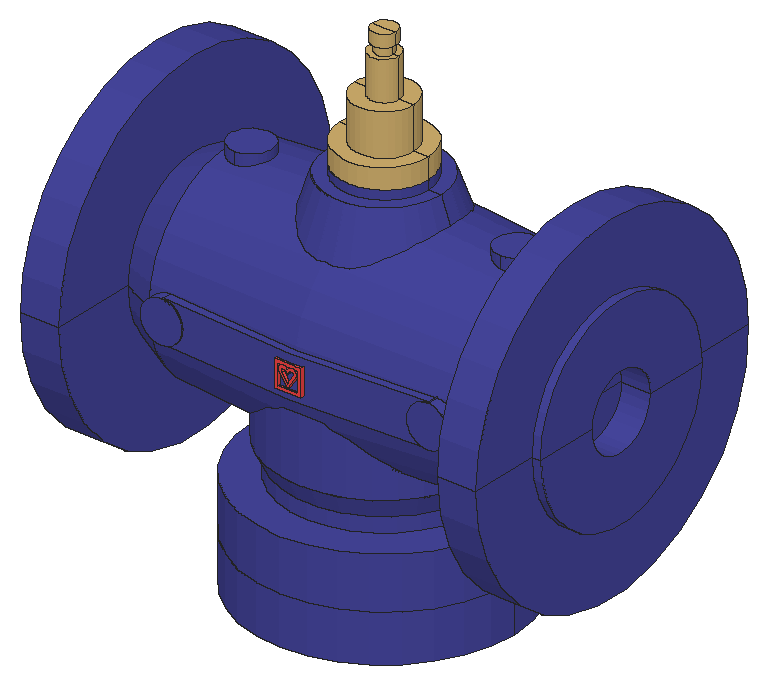
Revit family "Клапан проходной регулирующий, фланцевый F 4035_PN25", category Rohrzubehör, Revit 2021
Family settings
  Bemaßung runder Anschluss = Durchmesser verwenden
  Teiletyp = Unterbricht
  OmniClass-Nummer = 23.65.55.14
  OmniClass-Titel = Valves for Liquid Services
  Arbeitsebenenbasiert = Nein
  Immer vertikal = Ja
  Beim Laden mit Abzugskörper schneiden = Nein
  Gemeinsam genutzt = Nein
Parameters (values of type "kvs6.3")
  Среда = "Качество очистки воды должно соответствовать нормам ÖNORM H 5195 и VDI 2035 стандартам."
  Номер заказа [instance] = if(and(kvs1, Nennweite = 15 mm), 403540, if(and(kvs1.6, Nennweite = 15 mm), 403551, if(and(kvs2.5, Nennweite = 15 mm), 403561, if(and(kvs4, Nennweite = 15 mm), 403571, if(and(kvs6.3, Nennweite = 25 mm), 403543, if(and(kvs10, Nennweite = 25 mm), 403553, if(and(kvs16, Nennweite = 32 mm), 403544, if(and(kvs25, Nennweite = 40 mm), 403545, if(and(kvs40, Nennweite = 50 mm), 403556, if(and(kvs63, Nennweite = 65 mm), 403547, if(and(kvs100, Nennweite = 80 mm), 403548, if(and(kvs160, Nennweite = 100 mm), 403549, if(and(kvs250, Nennweite = 125 mm), 403550, if(and(kvs330, Nennweite = 150 mm), 403542, 0))))))))))))))  # 403543
  Вес [instance] = size_lookup("4035_PN25", "Gewicht", 25, Nennweite)  # 8
  kvs63 = no
  kvs6.3 = yes
  kvs40 = no
  kvs4 = no
  kvs330 = no
  kvs250 = no
  kvs25 = no
  kvs2.5 = no
  kvs160 = no
  kvs16 = no
  kvs100 = no
  kvs10 = no
  kvs1.6 = no
  kvs1 = no
  Седло клапана = "WN1.4021"  # constant formula
  Конус клапана (до DN50) = "WN1.4021"  # constant formula
  Конус клапана (от DN65) = "EN-GJL-250/WN1.4021"  # constant formula
  Пропускная характеристика клапана = "равнопроцентная"  # constant formula
  Vorgabe-Ansicht = 0 mm
  URL = "www.herz-armaturen.ru"
  Шток = "WN1.4404"  # constant formula
  SCTWSEQ = "FW;SBT_TYP_FW=\"101\";2"
  SCTWCODE = "04;05;02"  # constant formula
  SCRNSEQ = "ARM;ARM_TYP=\"DURR\";2"
  SCRNCODE = "05;06;02"  # constant formula
  R14 = 4 mm  # constant formula
  R13 = 3 mm  # constant formula
  R12 = 5 mm  # constant formula
  R11 [instance] = size_lookup("4035_PN25", "R11", 18 mm, Nennweite)  # 10 mm
  R10 [instance] = size_lookup("4035_PN25", "R10", 23 mm, Nennweite)  # 15 mm
  R09 [instance] = size_lookup("4035_PN25", "R9", 49 mm, Nennweite)  # 19.5 mm
  R08 [instance] = R00 + 3 mm  # 41 mm
  R07 [instance] = size_lookup("4035_PN25", "R7", 15.5 mm, Nennweite)  # 7 mm
  R06 [instance] = size_lookup("4035_PN25", "R6", 15.5 mm, Nennweite)  # 7 mm
  R05 [instance] = size_lookup("4035_PN25", "R5", 62.5 mm, Nennweite)  # 35.5 mm
  R04 [instance] = size_lookup("4035_PN25", "R4", 59.5 mm, Nennweite)  # 32.5 mm
  R03 [instance] = size_lookup("4035_PN25", "R3", 43 mm, Nennweite)  # 44 mm
  R02 [instance] = size_lookup("4035_PN25", "R2", 43 mm, Nennweite)  # 19.5 mm
  R01 [instance] = size_lookup("4035_PN25", "R1", 55.5 mm, Nennweite)  # 28.5 mm
  R00 [instance] = size_lookup("4035_PN25", "R", 65 mm, Nennweite)  # 38 mm
  PN = 25  # constant formula
  Nennweite [instance] = 25 mm
  Мин. рабочая температура = 5 °C  # constant formula
  Макс. рабочая температура = 150 °C  # constant formula
  Макс. рабочее давление = 2500000.0 Pa  # constant formula
  LO1 [instance] = size_lookup("4035_PN25", "LO1", 28.5 mm, Nennweite)  # 40 mm
  L07 [instance] = L06 - R06  # 45 mm
  L06 [instance] = size_lookup("4035_PN25", "L6", 110 mm, Nennweite)  # 52 mm
  L05 [instance] = D00  # 57.5 mm
  L03 = 10 mm  # constant formula
  L02 [instance] = size_lookup("4035_PN25", "L2", 15 mm, Nennweite)  # 13 mm
  L01 = 3 mm  # constant formula
  L00 [instance] = size_lookup("4035_PN25", "L", 145 mm, Nennweite)  # 80 mm
  Hersteller = "Herz-Armaturen GmbH"  # constant formula
  H18 [instance] = 17.5 mm  # constant formula
  H15 = 4 mm  # constant formula
  H14 [instance] = size_lookup("4035_PN25", "H14", 17 mm, Nennweite)  # 13 mm
  H13 [instance] = size_lookup("4035_PN25", "H13", 18 mm, Nennweite)  # 14 mm
  H12 [instance] = size_lookup("4035_PN25", "H12", 10.5 mm, Nennweite)  # 6.8 mm
  H11 [instance] = size_lookup("4035_PN25", "H11", 52.5 mm, Nennweite)  # 40.8 mm
  H10 [instance] = size_lookup("4035_PN25", "H10", 135.4 mm, Nennweite)  # 88.3 mm
  H09 = 3 mm  # constant formula
  H08 [instance] = size_lookup("4035_PN25", "H8", 79 mm, Nennweite)  # 44.5 mm
  H07 [instance] = R00  # 38 mm
  H06 [instance] = size_lookup("4035_PN25", "H6", 59 mm, Nennweite)  # 35 mm
  H05 [instance] = size_lookup("4035_PN25", "H5", 20 mm, Nennweite)  # 5 mm
  H04 [instance] = size_lookup("4035_PN25", "H4", 17 mm, Nennweite)  # 15 mm
  H02 [instance] = size_lookup("4035_PN25", "H2", 38 mm, Nennweite)  # 3 mm
  H03 [instance] = size_lookup("4035_PN25", "H3", 112 mm, Nennweite)  # 64 mm
  H01 [instance] = size_lookup("4035_PN25", "H1", 14 mm, Nennweite)  # 16 mm
  Корпус = "EN-GJS-400-18-LT (EN 1563)"  # constant formula
  Материал уплотнения = "70EPDM"  # constant formula
  DN80 [instance] = Nennweite = 80 mm  # no
  DN65 [instance] = Nennweite = 65 mm  # no
  DN50 [instance] = Nennweite = 50 mm  # no
  DN40 [instance] = Nennweite = 40 mm  # no
  DN32 [instance] = Nennweite = 32 mm  # no
  DN25 [instance] = Nennweite = 25 mm  # yes
  DN150 [instance] = Nennweite = 150 mm  # no
  DN15 [instance] = Nennweite = 15 mm  # no
  DN125 [instance] = Nennweite = 125 mm  # no
  DN100 [instance] = Nennweite = 100 mm  # no
  D02 [instance] = Nennweite / 2  # 12.5 mm
  D01 [instance] = size_lookup("4035_PN25", "D1", 61 mm, Nennweite)  # 34 mm
  D00 [instance] = size_lookup("4035_PN25", "D", 92.5 mm, Nennweite)  # 57.5 mm
  Область применения = "Клапан может использоваться в системах отопления, вентиляции и кондиционирования воздуха, в производственных и технологических процессах. Пропускная характеристика клапана - равнопроцентная. Соотношение регулирования (соотношение между пропускной способностью при номинальной высоте хода Kvs и минимальным значением пропускной способности, при которой погрешность регулирования находится в пределах номинального допуска Kvmin) - 30. Выбор проходного фланцевого клапана осущетвляется в соответствии с диаграммой значений kvs."
  Фланцевое соединение = "EN 1092-2"  # constant formula
Types (15, lengths in mm): name | Номер заказа | Вес | kvs63 | kvs6.3 | kvs40 | kvs4 | kvs330 | kvs250 | kvs25 | kvs2.5 | kvs160 | kvs16 | kvs100 | kvs10 | kvs1.6 | kvs1 | R11 | R10 | R09 | R08 | R07 | R06 | R05 | R04 | R03 | R02 | R01 | R00 | Nennweite | LO1 | L07 | L06 | L05 | L02 | L00 | H14 | H13 | H12 | H11 | H10 | H08 | H07 | H06 | H05 | H04 | H02 | H03 | H01 | DN80 | DN65 | DN50 | DN40 | DN32 | DN25 | DN150 | DN15 | DN125 | DN100 | D02 | D01 | D00
  (no name) | 403543 | 8 | no | yes | no | no | no | no | no | no | no | no | no | no | no | no | 10 | 15 | 19.5 | 41 | 7 | 7 | 35.5 | 32.5 | 44 | 19.5 | 28.5 | 38 | 25 | 40 | 45 | 52 | 57.5 | 13 | 80 | 13 | 14 | 6.8 | 40.8 | 88.3 | 44.5 | 38 | 35 | 5 | 15 | 3 | 64 | 16 | no | no | no | no | no | yes | no | no | no | no | 12.5 | 34 | 57.5
  kvs1 | 403540 | 5 | no | no | no | no | no | no | no | no | no | no | no | no | no | yes | 10 | 15 | 19.5 | 29.5 | 6 | 6 | 24 | 21 | 32.5 | 14 | 17 | 26.5 | 15 | 27.5 | 34 | 40 | 47.5 | 11 | 65 | 13 | 14 | 6.8 | 40.8 | 80.3 | 36.5 | 26.5 | 24.5 | 5 | 13 | 11 | 49 | 14 | no | no | no | no | no | no | no | yes | no | no | 7.5 | 22.5 | 47.5
  kvs1.6 | 403551 | 5 | no | no | no | no | no | no | no | no | no | no | no | no | yes | no | 10 | 15 | 19.5 | 29.5 | 6 | 6 | 24 | 21 | 32.5 | 14 | 17 | 26.5 | 15 | 27.5 | 34 | 40 | 47.5 | 11 | 65 | 13 | 14 | 6.8 | 40.8 | 80.3 | 36.5 | 26.5 | 24.5 | 5 | 13 | 11 | 49 | 14 | no | no | no | no | no | no | no | yes | no | no | 7.5 | 22.5 | 47.5
  kvs2.5 | 403561 | 5 | no | no | no | no | no | no | no | yes | no | no | no | no | no | no | 10 | 15 | 19.5 | 29.5 | 6 | 6 | 24 | 21 | 32.5 | 14 | 17 | 26.5 | 15 | 27.5 | 34 | 40 | 47.5 | 11 | 65 | 13 | 14 | 6.8 | 40.8 | 80.3 | 36.5 | 26.5 | 24.5 | 5 | 13 | 11 | 49 | 14 | no | no | no | no | no | no | no | yes | no | no | 7.5 | 22.5 | 47.5
  kvs4 | 403571 | 5 | no | no | no | yes | no | no | no | no | no | no | no | no | no | no | 10 | 15 | 19.5 | 29.5 | 6 | 6 | 24 | 21 | 32.5 | 14 | 17 | 26.5 | 15 | 27.5 | 34 | 40 | 47.5 | 11 | 65 | 13 | 14 | 6.8 | 40.8 | 80.3 | 36.5 | 26.5 | 24.5 | 5 | 13 | 11 | 49 | 14 | no | no | no | no | no | no | no | yes | no | no | 7.5 | 22.5 | 47.5
  kvs6.3 | 403543 | 8 | no | yes | no | no | no | no | no | no | no | no | no | no | no | no | 10 | 15 | 19.5 | 41 | 7 | 7 | 35.5 | 32.5 | 44 | 19.5 | 28.5 | 38 | 25 | 40 | 45 | 52 | 57.5 | 13 | 80 | 13 | 14 | 6.8 | 40.8 | 88.3 | 44.5 | 38 | 35 | 5 | 15 | 3 | 64 | 16 | no | no | no | no | no | yes | no | no | no | no | 12.5 | 34 | 57.5
  kvs10 | 403553 | 8 | no | no | no | no | no | no | no | no | no | no | no | yes | no | no | 10 | 15 | 19.5 | 41 | 7 | 7 | 35.5 | 32.5 | 44 | 19.5 | 28.5 | 38 | 25 | 40 | 45 | 52 | 57.5 | 13 | 80 | 13 | 14 | 6.8 | 40.8 | 88.3 | 44.5 | 38 | 35 | 5 | 15 | 3 | 64 | 16 | no | no | no | no | no | yes | no | no | no | no | 12.5 | 34 | 57.5
  kvs16 | 403544 | 11.5 | no | no | no | no | no | no | no | no | no | yes | no | no | no | no | 10 | 15 | 20.5 | 46 | 9 | 9 | 40.5 | 37.5 | 49 | 24.5 | 33.5 | 43 | 32 | 45 | 51 | 60 | 70 | 13 | 90 | 17 | 18 | 10.5 | 52.5 | 102 | 46.5 | 43 | 39 | 15 | 15 | 4 | 84 | 16 | no | no | no | no | yes | no | no | no | no | no | 16 | 39 | 70
  kvs25 | 403545 | 13 | no | no | no | no | no | no | yes | no | no | no | no | no | no | no | 10 | 15 | 20.5 | 51 | 12 | 12 | 45.5 | 42.5 | 54 | 29 | 38.5 | 48 | 40 | 50 | 56 | 68 | 75 | 13 | 100 | 17 | 18 | 10.5 | 52.5 | 112 | 56.5 | 48 | 43 | 20 | 15 | 1 | 94 | 16 | no | no | no | yes | no | no | no | no | no | no | 20 | 44 | 75
  kvs63 | 403547 | 25 | yes | no | no | no | no | no | no | no | no | no | no | no | no | no | 18 | 23 | 49 | 68 | 15.5 | 15.5 | 62.5 | 59.5 | 71 | 43 | 55.5 | 65 | 65 | 68 | 94.5 | 110 | 92.5 | 15 | 145 | 17 | 18 | 10.5 | 52.5 | 135.4 | 79 | 65 | 59 | 20 | 17 | 38 | 112 | 18 | no | yes | no | no | no | no | no | no | no | no | 32.5 | 61 | 92.5
  kvs100 | 403548 | 31 | no | no | no | no | no | no | no | no | no | no | yes | no | no | no | 18 | 23 | 49 | 76 | 15.5 | 15.5 | 70.5 | 67.5 | 79 | 51 | 63.5 | 73 | 80 | 77 | 99.5 | 115 | 100 | 17 | 155 | 17 | 18 | 10.5 | 52.5 | 168.5 | 113 | 73 | 65 | 20 | 19 | 46 | 125 | 20 | yes | no | no | no | no | no | no | no | no | no | 40 | 69 | 100
  kvs160 | 403549 | 46 | no | no | no | no | no | no | no | no | yes | no | no | no | no | no | 30 | 35 | 61 | 86 | 20.5 | 20.5 | 80.5 | 77.5 | 89 | 61 | 73.5 | 83 | 100 | 88 | 112.5 | 133 | 110 | 17 | 175 | 21 | 22 | 14.2 | 64.2 | 189.7 | 122.5 | 83 | 73 | 25 | 19 | 65 | 135 | 20 | no | no | no | no | no | no | no | no | no | yes | 50 | 79 | 110
  kvs250 | 403550 | 72 | no | no | no | no | no | yes | no | no | no | no | no | no | no | no | 30 | 35 | 61 | 101 | 20.5 | 20.5 | 95.5 | 92.5 | 104 | 76 | 88.5 | 98 | 125 | 103 | 134.5 | 155 | 125 | 19 | 200 | 21 | 22 | 14.2 | 64.2 | 231 | 163.5 | 98 | 80 | 30 | 21 | 44 | 158 | 21 | no | no | no | no | no | no | no | no | yes | no | 62.5 | 94 | 125
  kvs330 | 403542 | 91 | no | no | no | no | yes | no | no | no | no | no | no | no | no | no | 30 | 35 | 61 | 113 | 20.5 | 20.5 | 107.5 | 104.5 | 116 | 88 | 100.5 | 110 | 150 | 115 | 174.5 | 195 | 142.5 | 19 | 240 | 21 | 22 | 14.2 | 64.2 | 237.5 | 170 | 110 | 85 | 25 | 21 | 42 | 153 | 21 | no | no | no | no | no | no | yes | no | no | no | 75 | 106 | 142.5
  kvs40 | 403556 | 16 | no | no | yes | no | no | no | no | no | no | no | no | no | no | no | 18 | 23 | 49 | 56 | 13.5 | 13.5 | 52.5 | 49.5 | 61 | 34 | 45.5 | 53 | 50 | 56 | 66.5 | 80 | 82.5 | 15 | 115 | 17 | 18 | 10.5 | 52.5 | 122 | 66.5 | 53 | 43 | 1 | 15 | 42 | 67 | 18 | no | no | yes | no | no | no | no | no | no | no | 25 | 51 | 82.5
Reference planes
  plane 1 "Mitte (Vorne/hinten)": y = 0
  plane 2: z = 0
  plane 3 "Mitte (Links/rechts)": x = 0
Forms (mm)
  Revolve 1, solid, material "kunststoff-BLAU", detail levels fine
    sketch origin (1065, 0, 0) x (1, 0, 0) y (0, 1, 0)
      loop
        line (-1142, 34) -> (-1145, 34) -> (-1145, 12.5) -> (-1135, 12.5) -> (-1135, 0) -> (-995, 0) -> (-995, 12.5) -> (-985, 12.5) -> (-985, 34) -> (-988, 34) -> (-988, 57.5) -> (-1001, 57.5) -> (-1001, 28.5) -> (-1013, 34.447)
        arc (-1013, 34.447) -> (-1065, 38) -> (-1117, 34.447) r 382.331
        line (-1117, 34.447) -> (-1129, 28.5) -> (-1129, 57.5) -> (-1142, 57.5) -> (-1142, 34)
      axis (-985, 0) -> (-1145, 0)
    angle from 0 to 360
  Extrusion 2, solid, material "kunststoff-BLAU", detail levels fine
    sketch origin (0, 0, 0) x (-1, 0, 0) y (0, 0, -1)
      loop
        circle (45, 0) r 7
      loop
        circle (-45, 0) r 7
    from -38 to 38
  Extrusion 3, solid, material "kunststoff-BLAU", visible <- "DN65", detail levels fine
    sketch origin (0, 0, 0) x (1, 0, 0) y (0, 1, 0)
      loop
        arc (-95, -56.907) -> (0, -68) -> (95, -56.907) r 412.331
        line (95, -56.907) -> (95, 56.907)
        arc (95, 56.907) -> (0, 68) -> (-95, 56.907) r 412.331
        line (-95, 56.907) -> (-95, -56.907)
    from -15.5 to 15.5
  Revolve 4, solid, material "kunststoff-BLAU", detail levels fine
    sketch origin (0, 0, 0) x (1, 0, 0) y (0, 0, 1)
      loop
        line (-19.5, 44.5) -> (-35.5, 0) -> (0, 0) -> (0, 47.5) -> (-15, 47.5) -> (-15, 44.5) -> (-19.5, 44.5)
      axis (0, 47.5) -> (0, 0)
    angle from 0 to 360
  Revolve 5, solid, material "kunststoff-BLAU", detail levels fine
    sketch origin (0, 0, 0) x (1, 0, 0) y (0, 0, 1)
      loop
        line (0, 0) -> (-35.5, 0) -> (-35.5, -35) -> (-32.5, -41.5) -> (-32.5, -46.5) -> (-44, -46.5) -> (-44, -64) -> (0, -64) -> (0, 0)
      axis (0, 0) -> (0, -64)
    angle from 0 to 360
  Revolve 6, solid, material "kunststoff-BLAU", detail levels fine
    sketch origin (0, 0, 0) x (1, 0, 0) y (0, 0, 1)
      loop
        line (0, -64) -> (-44, -64) -> (-44, -80) -> (0, -80) -> (0, -64)
      axis (0, -64) -> (0, -80)
    angle from 0 to 360
  Extrusion 7, solid, material "kunststoff-BLAU", detail levels fine
    sketch origin (0, 0, 0) x (0, -1, 0) y (1, 0, 0)
      loop
        circle (0, -45) r 7
      loop
        circle (0, 45) r 7
    from -38 to 38
  Extrusion 8, solid, material "kunststoff-BLAU", visible <- "DN150", detail levels fine
    sketch origin (0, 0, 0) x (1, 0, 0) y (0, 1, 0)
      loop
        arc (-179.5, -78.475) -> (0, -115) -> (179.5, -78.475) r 459.331
        line (179.5, -78.475) -> (179.5, 78.475)
        arc (179.5, 78.475) -> (0, 115) -> (-179.5, 78.475) r 459.331
        line (-179.5, 78.475) -> (-179.5, -78.475)
    from -20.5 to 20.5
  Extrusion 9, solid, material "kunststoff-BLAU", visible <- "DN125", detail levels fine
    sketch origin (0, 0, 0) x (1, 0, 0) y (0, 1, 0)
      loop
        arc (-134.5, -82.301) -> (0, -103) -> (134.5, -82.301) r 447.331
        line (134.5, -82.301) -> (134.5, 82.301)
        arc (134.5, 82.301) -> (0, 103) -> (-134.5, 82.301) r 447.331
        line (-134.5, 82.301) -> (-134.5, -82.301)
    from -20.5 to 20.5
  Extrusion 10, solid, material "kunststoff-BLAU", visible <- "DN100", detail levels fine
    sketch origin (0, 0, 0) x (1, 0, 0) y (0, 1, 0)
      loop
        arc (-112.5, -73.106) -> (0, -88) -> (112.5, -73.106) r 432.331
        line (112.5, -73.106) -> (112.5, 73.106)
        arc (112.5, 73.106) -> (0, 88) -> (-112.5, 73.106) r 432.331
        line (-112.5, 73.106) -> (-112.5, -73.106)
    from -20.5 to 20.5
  Extrusion 11, solid, material "kunststoff-BLAU", visible <- "DN80", detail levels fine
    sketch origin (0, 0, 0) x (1, 0, 0) y (0, 1, 0)
      loop
        line (99.5, -65.083) -> (99.5, 65.083)
        arc (99.5, 65.083) -> (0, 77) -> (-99.5, 65.083) r 421.331
        line (-99.5, 65.083) -> (-99.5, -65.083)
        arc (-99.5, -65.083) -> (0, -77) -> (99.5, -65.083) r 421.331
    from -15.5 to 15.5
  Extrusion 12, solid, material "kunststoff-BLAU", visible <- "DN50", detail levels fine
    sketch origin (0, 0, 0) x (1, 0, 0) y (0, 1, 0)
      loop
        arc (-66.5, -50.44) -> (0, -56.006) -> (66.5, -50.44) r 400.05
        line (66.5, -50.44) -> (66.5, 50.44)
        arc (66.5, 50.44) -> (0, 56.006) -> (-66.5, 50.44) r 400.05
        line (-66.5, 50.44) -> (-66.5, -50.44)
    from -13.5 to 13.5
  Extrusion 13, solid, material "kunststoff-BLAU", visible <- "DN40", detail levels fine
    sketch origin (0, 0, 0) x (1, 0, 0) y (0, 1, 0)
      loop
        arc (-56, -46.003) -> (0, -50) -> (56, -46.003) r 394.331
        line (56, -46.003) -> (56, 46.003)
        arc (56, 46.003) -> (0, 50) -> (-56, 46.003) r 394.331
        line (-56, 46.003) -> (-56, -46.003)
    from -12 to 12
  Extrusion 14, solid, material "kunststoff-BLAU", visible <- "DN32", detail levels fine
    sketch origin (0, 0, 0) x (1, 0, 0) y (0, 1, 0)
      loop
        arc (-51, -41.645) -> (0, -45) -> (51, -41.645) r 389.331
        line (51, -41.645) -> (51, 41.645)
        arc (51, 41.645) -> (0, 45) -> (-51, 41.645) r 389.331
        line (-51, 41.645) -> (-51, -41.645)
    from -9 to 9
  Extrusion 15, solid, material "kunststoff-BLAU", visible <- "DN25", detail levels fine
    sketch origin (0, 0, 0) x (1, 0, 0) y (0, 1, 0)
      loop
        line (45, -37.356) -> (45, 37.356)
        arc (45, 37.356) -> (0, 40) -> (-45, 37.356) r 384.331
        line (-45, 37.356) -> (-45, -37.356)
        arc (-45, -37.356) -> (0, -40) -> (45, -37.356) r 384.331
    from -7 to 7
  Extrusion 16, solid, material "kunststoff-BLAU", visible <- "DN15", detail levels fine
    sketch origin (0, 0, 0) x (1, 0, 0) y (0, 1, 0)
      loop
        line (-34, 25.942) -> (-34, -25.942)
        arc (-34, -25.942) -> (0, -27.5) -> (34, -25.942) r 371.831
        line (34, -25.942) -> (34, 25.942)
        arc (34, 25.942) -> (0, 27.5) -> (-34, 25.942) r 371.831
    from -6 to 6
  Revolve 17, solid, material "Messing-poliert", detail levels fine
    sketch origin (0, 0, 0) x (1, 0, 0) y (0, 0, 1)
      loop
        line (-15, 54.3) -> (-15, 47.5) -> (0, 47.5) -> (0, 88.3) -> (-4, 88.3) -> (-4, 84.3) -> (-3, 84.3) -> (-3, 81.3) -> (-5, 81.3) -> (-5, 68.3) -> (-10, 68.3) -> (-10, 54.3) -> (-15, 54.3)
      axis (0, 88.3) -> (0, 47.5)
    angle from 0 to 360
Lines and regions (mm)
  model lines, detail levels coarse+medium
    curve 1: line (80, 57.5, 0) -> (80, -57.5, 0)
    curve 2: line (80, -57.5, 0) -> (-80, 57.5, 0)
    curve 3: line (-80, 57.5, 0) -> (-80, -57.5, 0)
    curve 4: line (-80, -57.5, 0) -> (80, 57.5, 0)
    curve 5: line (80, 0, 57.5) -> (80, 0, -57.5)
    curve 6: line (80, 0, -57.5) -> (-80, 0, 57.5)
    curve 7: line (-80, 0, 57.5) -> (-80, 0, -57.5)
    curve 8: line (-80, 0, -57.5) -> (80, 0, 57.5)
Dimensions and locks
  "L00": Revolve 1 sketch curve to plane 3 "Mitte (Links/rechts)" to Revolve 1 sketch curve
  "D00": plane 1 "Mitte (Vorne/hinten)" to Revolve 1 sketch curve  (x2)
  "D02": plane 1 "Mitte (Vorne/hinten)" to Revolve 1 sketch curve  (x2)
  "L01": Revolve 1 sketch curve to Revolve 1 sketch curve  (x2)
  "L02": Revolve 1 sketch curve to Revolve 1 sketch curve  (x2)
  "D01": plane 1 "Mitte (Vorne/hinten)" to Revolve 1 sketch curve  (x2)
  "R01": plane 1 "Mitte (Vorne/hinten)" to Revolve 1 sketch curve  (x2)
  "R00": Revolve 1 sketch curve to Revolve 1 sketch curve
  "L03": Revolve 1 sketch curve to Revolve 1 sketch curve  (x2)
  "H01": Revolve 6 sketch curve to Revolve 6 sketch curve
  "R03": plane 3 "Mitte (Links/rechts)" to Revolve 6 sketch curve
  "R03": Revolve 5 sketch curve to Revolve 5 sketch curve
  "H03": plane 2 to Revolve 5 sketch curve
  "H06": Revolve 5 sketch curve to Revolve 5 sketch curve
  "R04": Revolve 5 sketch curve to Revolve 5 sketch curve
  "R05": Revolve 5 sketch curve to Revolve 5 sketch curve
  "H05": Revolve 5 sketch curve to Revolve 5 sketch curve
  "L06": Revolve 1 sketch curve to plane 3 "Mitte (Links/rechts)" to Revolve 1 sketch curve
  "H03": plane 2 to Revolve 6 sketch curve
  "R09": Revolve 4 sketch curve to Revolve 4 sketch curve
  "R05": Revolve 4 sketch curve to Revolve 4 sketch curve
  "H07": Extrusion 7 to plane 2 to Extrusion 7  (x2)
  "L07": plane 3 "Mitte (Links/rechts)" to Extrusion 7 sketch curve
  "L07": Extrusion 7 sketch curve to plane 3 "Mitte (Links/rechts)"
  "H07": Extrusion 2 to plane 1 "Mitte (Vorne/hinten)"  (x3)
  "L07": plane 3 "Mitte (Links/rechts)" to Extrusion 2 sketch curve
  "L07": Extrusion 2 sketch curve to plane 3 "Mitte (Links/rechts)"
  "H07": plane 1 "Mitte (Vorne/hinten)" to Extrusion 2
  "H08": Revolve 4 sketch curve to plane 2
  "H09": Revolve 4 sketch curve to Revolve 4 sketch curve
  "R10": plane 3 "Mitte (Links/rechts)" to Revolve 4 sketch curve
  "H11": Revolve 17 sketch curve to Revolve 17 sketch curve
  "H10": Revolve 17 sketch curve to plane 2
  "R10": plane 3 "Mitte (Links/rechts)" to Revolve 17 sketch curve
  "H12": Revolve 17 sketch curve to Revolve 17 sketch curve
  "H13": Revolve 17 sketch curve to Revolve 17 sketch curve
  "H14": Revolve 17 sketch curve to Revolve 17 sketch curve
  "H15": Revolve 17 sketch curve to Revolve 17 sketch curve
  "R14": plane 3 "Mitte (Links/rechts)" to Revolve 17 sketch curve
  "R13": plane 3 "Mitte (Links/rechts)" to Revolve 17 sketch curve
  "R11": plane 3 "Mitte (Links/rechts)" to Revolve 17 sketch curve
  "R12": plane 3 "Mitte (Links/rechts)" to Revolve 17 sketch curve
  "LO1": nested 1 to plane 1 "Mitte (Vorne/hinten)"
  "H18": Revolve 5 sketch curve to Revolve 6
  "L00": curve 3 to plane 3 "Mitte (Links/rechts)" to curve 1
  "D00": curve 4 to plane 1 "Mitte (Vorne/hinten)" to curve 3
  "D00": curve 2 to plane 1 "Mitte (Vorne/hinten)" to curve 4
  "L00": curve 7 to plane 3 "Mitte (Links/rechts)" to curve 5
  "D00": curve 8 to plane 2 to curve 6
  "D00": curve 7 to plane 2 to curve 8
  "R06": radius of Extrusion 7 sketch curve  (x2)
  "R07": radius of Extrusion 2 sketch curve  (x2)
  aligned and locked: level to plane 2
Automatic sketch dimensions
  Extrusion 3 sketch curve to plane 1 "Mitte (Vorne/hinten)" = 56.907 mm  (x2)
  Extrusion 3 sketch curve to plane 3 "Mitte (Links/rechts)" = 0 mm  (x2)
  Extrusion 3 sketch curve to Extrusion 3 sketch curve = 113.814 mm
  Extrusion 3 sketch curve to Extrusion 3 sketch curve = 287.425 mm
  Extrusion 3 sketch curve to plane 1 "Mitte (Vorne/hinten)" = 344.331 mm
  plane 3 "Mitte (Links/rechts)" to Extrusion 3 sketch curve = 95 mm
  Extrusion 8 sketch curve to plane 3 "Mitte (Links/rechts)" = 0 mm  (x2)
  Extrusion 8 sketch curve to plane 1 "Mitte (Vorne/hinten)" = 78.475 mm  (x2)
  plane 1 "Mitte (Vorne/hinten)" to Extrusion 8 sketch curve = 78.475 mm
  Extrusion 8 sketch curve to plane 3 "Mitte (Links/rechts)" = 179.5 mm
  Extrusion 8 sketch curve to Extrusion 8 sketch curve = 265.857 mm
  Extrusion 8 sketch curve to plane 1 "Mitte (Vorne/hinten)" = 344.331 mm
  plane 3 "Mitte (Links/rechts)" to Extrusion 9 sketch curve = 134.5 mm
  plane 1 "Mitte (Vorne/hinten)" to Extrusion 9 sketch curve = 82.301 mm  (x2)
  Extrusion 9 sketch curve to plane 3 "Mitte (Links/rechts)" = 0 mm  (x2)
  Extrusion 9 sketch curve to Extrusion 9 sketch curve = 262.031 mm  (x2)
  Extrusion 9 sketch curve to plane 1 "Mitte (Vorne/hinten)" = 82.301 mm
  Extrusion 10 sketch curve to plane 3 "Mitte (Links/rechts)" = 0 mm  (x2)
  plane 1 "Mitte (Vorne/hinten)" to Extrusion 10 sketch curve = 73.106 mm
  Extrusion 10 sketch curve to plane 3 "Mitte (Links/rechts)" = 112.5 mm
  Extrusion 10 sketch curve to Extrusion 10 sketch curve = 271.225 mm
  Extrusion 10 sketch curve to plane 1 "Mitte (Vorne/hinten)" = 344.331 mm
  Extrusion 10 sketch curve to plane 1 "Mitte (Vorne/hinten)" = 73.106 mm  (x2)
  Extrusion 11 sketch curve to plane 3 "Mitte (Links/rechts)" = 0 mm  (x2)
  plane 1 "Mitte (Vorne/hinten)" to Extrusion 11 sketch curve = 65.083 mm  (x2)
  Extrusion 11 sketch curve to plane 3 "Mitte (Links/rechts)" = 99.5 mm
  Extrusion 11 sketch curve to Extrusion 11 sketch curve = 279.249 mm
  Extrusion 11 sketch curve to plane 1 "Mitte (Vorne/hinten)" = 344.331 mm
  Extrusion 11 sketch curve to plane 1 "Mitte (Vorne/hinten)" = 65.083 mm
  Extrusion 12 sketch curve to plane 3 "Mitte (Links/rechts)" = 0 mm  (x2)
  Extrusion 12 sketch curve to plane 3 "Mitte (Links/rechts)" = 66.5 mm
  plane 3 "Mitte (Links/rechts)" to Extrusion 12 sketch curve = 66.5 mm
  plane 1 "Mitte (Vorne/hinten)" to Extrusion 12 sketch curve = 344.044 mm
  plane 1 "Mitte (Vorne/hinten)" to Extrusion 12 sketch curve = 50.44 mm
  Extrusion 12 sketch curve to plane 1 "Mitte (Vorne/hinten)" = 50.44 mm
  Extrusion 12 sketch curve to Extrusion 12 sketch curve = 293.604 mm
  Extrusion 13 sketch curve to plane 3 "Mitte (Links/rechts)" = 0 mm  (x2)
  Extrusion 13 sketch curve to plane 3 "Mitte (Links/rechts)" = 56 mm
  plane 3 "Mitte (Links/rechts)" to Extrusion 13 sketch curve = 56 mm
  plane 1 "Mitte (Vorne/hinten)" to Extrusion 13 sketch curve = 344.331 mm
  plane 1 "Mitte (Vorne/hinten)" to Extrusion 13 sketch curve = 46.003 mm
  Extrusion 13 sketch curve to plane 1 "Mitte (Vorne/hinten)" = 46.003 mm
  Extrusion 13 sketch curve to Extrusion 13 sketch curve = 298.328 mm
  Extrusion 14 sketch curve to plane 3 "Mitte (Links/rechts)" = 0 mm  (x2)
  Extrusion 14 sketch curve to plane 3 "Mitte (Links/rechts)" = 51 mm
  plane 3 "Mitte (Links/rechts)" to Extrusion 14 sketch curve = 51 mm
  plane 1 "Mitte (Vorne/hinten)" to Extrusion 14 sketch curve = 344.331 mm
  plane 1 "Mitte (Vorne/hinten)" to Extrusion 14 sketch curve = 41.645 mm
  Extrusion 14 sketch curve to plane 1 "Mitte (Vorne/hinten)" = 41.645 mm
  Extrusion 14 sketch curve to Extrusion 14 sketch curve = 302.686 mm
  Extrusion 15 sketch curve to plane 3 "Mitte (Links/rechts)" = 0 mm  (x2)
  Extrusion 15 sketch curve to plane 3 "Mitte (Links/rechts)" = 45 mm
  plane 3 "Mitte (Links/rechts)" to Extrusion 15 sketch curve = 45 mm
  plane 1 "Mitte (Vorne/hinten)" to Extrusion 15 sketch curve = 344.331 mm
  plane 1 "Mitte (Vorne/hinten)" to Extrusion 15 sketch curve = 37.356 mm
  Extrusion 15 sketch curve to plane 1 "Mitte (Vorne/hinten)" = 37.356 mm
  Extrusion 15 sketch curve to Extrusion 15 sketch curve = 306.975 mm
  Extrusion 16 sketch curve to plane 3 "Mitte (Links/rechts)" = 0 mm  (x2)
  Extrusion 16 sketch curve to plane 3 "Mitte (Links/rechts)" = 34 mm
  plane 3 "Mitte (Links/rechts)" to Extrusion 16 sketch curve = 34 mm
  plane 1 "Mitte (Vorne/hinten)" to Extrusion 16 sketch curve = 344.331 mm
  plane 1 "Mitte (Vorne/hinten)" to Extrusion 16 sketch curve = 25.942 mm
  Extrusion 16 sketch curve to plane 1 "Mitte (Vorne/hinten)" = 25.942 mm
  Extrusion 16 sketch curve to Extrusion 16 sketch curve = 318.389 mm
  plane 1 "Mitte (Vorne/hinten)" to Revolve 1 sketch curve = 0 mm  (x2)
  Revolve 1 sketch curve to plane 3 "Mitte (Links/rechts)" = 0 mm
  plane 1 "Mitte (Vorne/hinten)" to Revolve 1 sketch curve = 344.331 mm
  Revolve 1 sketch curve to Revolve 1 sketch curve = 1855 mm  (x2)
  Extrusion 2 sketch curve to level = 0 mm  (x2)
  Revolve 4 sketch curve to level = 0 mm
  Revolve 4 sketch curve to plane 3 "Mitte (Links/rechts)" = 0 mm  (x2)
  Revolve 4 sketch curve to Revolve 4 sketch curve = 366.045 mm
  Revolve 4 sketch curve to Revolve 4 sketch curve = 2132.315 mm
  Revolve 5 sketch curve to level = 0 mm
  Revolve 5 sketch curve to plane 3 "Mitte (Links/rechts)" = 0 mm  (x2)
  Revolve 5 sketch curve to Revolve 5 sketch curve = 254.045 mm
  level to Revolve 5 sketch curve = 2214.315 mm
  Revolve 6 sketch curve to plane 3 "Mitte (Links/rechts)" = 0 mm  (x2)
  Revolve 6 sketch curve to Revolve 6 sketch curve = 0 mm
  level to Revolve 6 sketch curve = 2214.315 mm
  plane 1 "Mitte (Vorne/hinten)" to Extrusion 7 sketch curve = 0 mm  (x2)
  Revolve 17 sketch curve to plane 3 "Mitte (Links/rechts)" = 0 mm  (x2)
  Revolve 17 sketch curve to level = 366.045 mm
  Revolve 17 sketch curve to Revolve 17 sketch curve = 2079.815 mm
Nested families
  nested 1: "Herz-Logo-vorne" at (-0.018, -40, 0) x (0, 1, 0) z (0, 0, 1), type "Herz-Logo-vorne", detail levels fine
Connectors
  piping at (-80, 0, 0), diameter 25, driven by "Nennweite"
    settings: on Revolve 1, index 1, connector inside diameter 609.6 mm, connector length 0 mm, flow factor 0, pipe flow 0.0 L/s, pressure drop 0.0 Pa, fitting loss kfactor 0, connector angle 0.00°, fixture units 0, engagement length 0 mm, angle of deflection 0.00°, flow configuration 0, flow direction 1, fitting loss method 0, system type 29, joint type 0, gender type 0, connector reference index -1, connector utility 0, adjustable connector no, is connector primary yes, connector description ""
  piping at (80, 0, 0), diameter 25, driven by "Nennweite"
    settings: on Revolve 1, index 2, connector inside diameter 609.6 mm, connector length 0 mm, flow factor 0, pipe flow 0.0 L/s, pressure drop 0.0 Pa, fitting loss kfactor 0, connector angle 0.00°, fixture units 0, engagement length 0 mm, angle of deflection 0.00°, flow configuration 0, flow direction 2, fitting loss method 0, system type 29, joint type 0, gender type 0, connector reference index -1, connector utility 0, adjustable connector no, is connector primary no, connector description ""
Definition of nested family "Herz-Logo-vorne"
  Parameters (values of type "Herz-Logo-vorne")
    Default Elevation = 0 mm
  Reference planes
    plane 1 "Mitte (Vorne/hinten)": y = 0
    plane 2: z = 0
    plane 3 "Mitte (Links/rechts)": x = 0
  Forms (mm)
    Extrusion 1, solid
      sketch origin (0.732, -0.018, 0.017) x (0, -1, 0) y (0, 0, 1)
        loop
          line (-0.018, -4.517) -> (4.482, -4.517) -> (4.482, 4.483) -> (-4.518, 4.483) -> (-4.518, -4.517) -> (-0.018, -4.517)
        loop
          line (-0.05, -3.48) -> (3.482, -3.48) -> (3.482, 3.483) -> (-3.518, 3.483) -> (-3.518, -3.48) -> (-0.05, -3.48)
        loop
          arc (-0.018, 2.383) -> (-1.543, 3.287) -> (-3.067, 2.383) r 1.738
          arc (-3.067, 2.383) -> (-3.191, 1.899) -> (-3.067, 1.415) r 1.009
          line (-3.067, 1.415) -> (-0.018, -3.281) -> (3.032, 1.415)
          arc (3.032, 1.415) -> (3.156, 1.899) -> (3.032, 2.383) r 1.009
          arc (3.032, 2.383) -> (1.507, 3.287) -> (-0.018, 2.383) r 1.738
        loop
          arc (1.885, 1.272) -> (2.005, 1.675) -> (1.885, 2.079) r 0.74
          arc (1.885, 2.079) -> (1.265, 2.416) -> (0.644, 2.079) r 0.74
          line (0.644, 2.079) -> (-0.018, 0.97) -> (-0.679, 2.079)
          arc (-0.679, 2.079) -> (-1.3, 2.416) -> (-1.921, 2.079) r 0.74
          arc (-1.921, 2.079) -> (-2.04, 1.675) -> (-1.921, 1.272) r 0.74
          line (-1.921, 1.272) -> (-0.018, -1.658) -> (1.885, 1.272)
      from 0 to 1.5
  Dimensions and locks
    aligned and locked: level to plane 2
